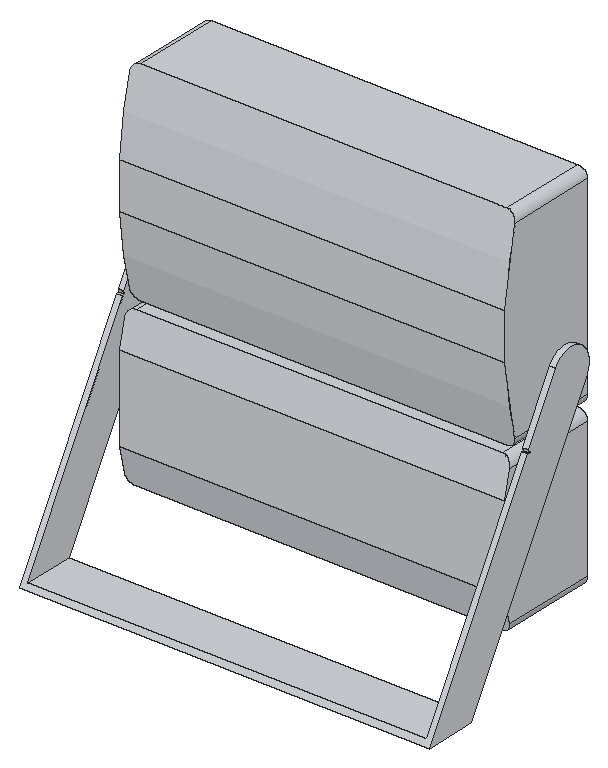
Revit family "Lighting-Floodlights-GEWISS-SMART[PRO]2.0-LED-MEDIUM-POWER_2MODULE_DALI.CLI", category Apparecchi per illuminazione, host Superficie, Revit 2019 (continued)
Types (46, lengths in mm): name | Wiring | Weight (kg): | Weight (kg) | Voltage- | Versions | Version type | Unique digital code (Datamatrix) | Unified Glare Rating | Typology | Type of light source | Tilt- | Technical sheet | Supply voltage | Stocking temperature | Standards and approvals | Standard- | Standard Deviation Colour Matching | Shield type | SEO | Regolazione inclinazione | Rated frequency (Hz) | Photobiological Risk Class | Overvoltage resistance : | Overvoltage protection | Optic and illuminating features | Optic Maintenance | Optic : | Optic | Operating temperature: | Operating temperature : | N° LED | Number of modules | No. Chorus modules | Mouting and installation | Modello | Minimum distance from the illuminated object | Maximum surface exposed to the wind : | Maximum surface exposed to the wind | Materials | Luminaire | Lumen output (lm) | Locking Hook | Lifetime | Life Time L90B10 (Tq 50Â°C) : | Life Time L90B10 (Tq 25Â°C) : | Life Time L80B10 (Tq 25Â°C) | Lamp- | LED current | LED Maintenance | Installationa and maintenance | Immagine tipo | IPEA | IDT | Glow Wire Test : | General information | Gasket | GW - Codice Electrocod | Flusso nominale | Fixing | External screw | Eletrical and lighting features | Efficiency (lm/W) | Driver Box | Driver | Device with reduced surface temperature | Descrizione | DIN 18032-3 certification | Control System | Context | Colour temperature: | Colour temperature | Colour : | Colour | Color Rendering Index | Classification: | Catalogue Range | Body
  GWP2273MD - SMART PRO 2M CRI70 3000K TYPE C1 DALI | "" | "" | "13" | "" | "" | "3000K warm light" | "" | "" | "" | "" | "" | "https://www.gewiss.com/ww/en/search?q=GWP2273MD" | "" | "" | "" | "" | "" | "" | "" | "-180° ÷ + 180° Bracket" | "" | "" | "" | "" | "" | "" | "" | "Circular C1" | "" | "" | "160" | "" | "2 (2x80 LED)" | "" | "GWP2273MD" | "" | "" | "0,43" | "" | "" | "35261" | "" | "" | "" | "" | "" | "" | "" | "" | "" | GWP2273MD.jpg | "" | "2666d7c5-0d9d-4bb2-a504-1173eb1e3d31" | "" | "" | "" | "" | "44800" | "" | "" | "" | "" | "" | "" | "" | "SMART PRO 2M 3000K CRI70 TYPE C1 DALI" | "" | "" | "" | "" | "3000 K (CRI 70)" | "" | "" | "" | "" | "SMART[PRO]2.0" | ""
  GWP2274AD - SMART PRO 2M CRI70 4000K TYPE S1 DALI | "" | "" | "13" | "" | "" | "4000K natural light" | "" | "" | "" | "" | "" | "https://www.gewiss.com/ww/en/search?q=GWP2274AD" | "" | "" | "" | "" | "" | "" | "" | "-180° ÷ + 180° Bracket" | "" | "" | "" | "" | "" | "" | "" | "Symmetrical S1" | "" | "" | "160" | "" | "2 (2x80 LED)" | "" | "GWP2274AD" | "" | "" | "0,43" | "" | "" | "37420" | "" | "" | "" | "" | "" | "" | "" | "" | "" | GWP2274AD.jpg | "" | "ff540907-a2dd-4753-af51-28166bcacd5d" | "" | "" | "" | "" | "48000" | "" | "" | "" | "" | "" | "" | "" | "SMART PRO 2M 4000K CRI70 TYPE S1 DALI" | "" | "" | "" | "" | "4000 K (CRI 70)" | "" | "" | "" | "" | "SMART[PRO]2.0" | ""
  GWP2274BD - SMART PRO 2M CRI70 4000K TYPE S2 DALI | "" | "" | "13" | "" | "" | "4000K natural light" | "" | "" | "" | "" | "" | "https://www.gewiss.com/ww/en/search?q=GWP2274BD" | "" | "" | "" | "" | "" | "" | "" | "-180° ÷ + 180° Bracket" | "" | "" | "" | "" | "" | "" | "" | "Symmetrical S2" | "" | "" | "160" | "" | "2 (2x80 LED)" | "" | "GWP2274BD" | "" | "" | "0,43" | "" | "" | "39790" | "" | "" | "" | "" | "" | "" | "" | "" | "" | GWP2274BD.jpg | "" | "b9f8befa-2633-41f3-ad41-4462299d6a5b" | "" | "" | "" | "" | "48000" | "" | "" | "" | "" | "" | "" | "" | "SMART PRO 2M 4000K CRI70 TYPE S2 DALI" | "" | "" | "" | "" | "4000 K (CRI 70)" | "" | "" | "" | "" | "SMART[PRO]2.0" | ""
  GWP2274CD - SMART PRO 2M CRI70 4000K TYPE A1 DALI | "" | "" | "13" | "" | "" | "4000K natural light" | "" | "" | "" | "" | "" | "https://www.gewiss.com/ww/en/search?q=GWP2274CD" | "" | "" | "" | "" | "" | "" | "" | "-180° ÷ + 180° Bracket" | "" | "" | "" | "" | "" | "" | "" | "Asymmetrical A1" | "" | "" | "160" | "" | "2 (2x80 LED)" | "" | "GWP2274CD" | "" | "" | "0,43" | "" | "" | "36580" | "" | "" | "" | "" | "" | "" | "" | "" | "" | GWP2273CD.jpg | "" | "c5749d56-95e3-49a9-b4ce-4110e7aa8a9e" | "" | "" | "" | "" | "48000" | "" | "" | "" | "" | "" | "" | "" | "SMART PRO 2M 4000K CRI70 TYPE A1 DALI" | "" | "" | "" | "" | "4000 K (CRI 70)" | "" | "" | "" | "" | "SMART[PRO]2.0" | ""
  GWP2274FD - SMART PRO 2M CRI70 4000K TYPE A2 DALI | "" | "" | "13" | "" | "" | "4000K natural light" | "" | "" | "" | "" | "" | "https://www.gewiss.com/ww/en/search?q=GWP2274FD" | "" | "" | "" | "" | "" | "" | "" | "-180° ÷ + 180° Bracket" | "" | "" | "" | "" | "" | "" | "" | "Asymmetrical A2" | "" | "" | "160" | "" | "2 (2x80 LED)" | "" | "GWP2274FD" | "" | "" | "0,43" | "" | "" | "31260" | "" | "" | "" | "" | "" | "" | "" | "" | "" | GWP2273FD.jpg | "" | "7c6c7aec-c074-4fa1-ae36-988da0e6e27f" | "" | "" | "" | "" | "48000" | "" | "" | "" | "" | "" | "" | "" | "SMART PRO 2M 4000K CRI70 TYPE A2 DALI" | "" | "" | "" | "" | "4000 K (CRI 70)" | "" | "" | "" | "" | "SMART[PRO]2.0" | ""
  GWP2274GD - SMART PRO 2M CRI70 4000K TYPE C4 DALI | "" | "" | "13" | "" | "" | "4000K natural light" | "" | "" | "" | "" | "" | "https://www.gewiss.com/ww/en/search?q=GWP2274GD" | "" | "" | "" | "" | "" | "" | "" | "-180° ÷ + 180° Bracket" | "" | "" | "" | "" | "" | "" | "" | "Circular C4" | "" | "" | "160" | "" | "2 (2x80 LED)" | "" | "GWP2274GD" | "" | "" | "0,43" | "" | "" | "37780" | "" | "" | "" | "" | "" | "" | "" | "" | "" | GWP2273GD.jpg | "" | "69317726-159b-4d06-a586-7281c5675b25" | "" | "" | "" | "" | "48000" | "" | "" | "" | "" | "" | "" | "" | "SMART PRO 2M 4000K CRI70 TYPE C4 DALI" | "" | "" | "" | "" | "4000 K (CRI 70)" | "" | "" | "" | "" | "SMART[PRO]2.0" | ""
  GWP2274HD - SMART PRO 2M CRI70 4000K TYPE C3 DALI | "" | "" | "13" | "" | "" | "4000K natural light" | "" | "" | "" | "" | "" | "https://www.gewiss.com/ww/en/search?q=GWP2274HD" | "" | "" | "" | "" | "" | "" | "" | "-180° ÷ + 180° Bracket" | "" | "" | "" | "" | "" | "" | "" | "Circular C3" | "" | "" | "160" | "" | "2 (2x80 LED)" | "" | "GWP2274HD" | "" | "" | "0,43" | "" | "" | "37780" | "" | "" | "" | "" | "" | "" | "" | "" | "" | GWP2273HD.jpg | "" | "6dd558e9-72b1-486c-8f94-259d6481d4a0" | "" | "" | "" | "" | "48000" | "" | "" | "" | "" | "" | "" | "" | "SMART PRO 2M 4000K CRI70 TYPE C3 DALI" | "" | "" | "" | "" | "4000 K (CRI 70)" | "" | "" | "" | "" | "SMART[PRO]2.0" | ""
  GWP2274LD - SMART PRO 2M CRI70 4000K TYPE C2 DALI | "" | "" | "13" | "" | "" | "4000K natural light" | "" | "" | "" | "" | "" | "https://www.gewiss.com/ww/en/search?q=GWP2274LD" | "" | "" | "" | "" | "" | "" | "" | "-180° ÷ + 180° Bracket" | "" | "" | "" | "" | "" | "" | "" | "Circular C2" | "" | "" | "160" | "" | "2 (2x80 LED)" | "" | "GWP2274LD" | "" | "" | "0,43" | "" | "" | "37780" | "" | "" | "" | "" | "" | "" | "" | "" | "" | GWP2273LD.jpg | "" | "9547177a-4666-45c9-b948-dce2b7eda314" | "" | "" | "" | "" | "48000" | "" | "" | "" | "" | "" | "" | "" | "SMART PRO 2M 4000K CRI70 TYPE C2 DALI" | "" | "" | "" | "" | "4000 K (CRI 70)" | "" | "" | "" | "" | "SMART[PRO]2.0" | ""
  GWP2274MD - SMART PRO 2M CRI70 4000K TYPE C1 DALI | "" | "" | "13" | "" | "" | "4000K natural light" | "" | "" | "" | "" | "" | "https://www.gewiss.com/ww/en/search?q=GWP2274MD" | "" | "" | "" | "" | "" | "" | "" | "-180° ÷ + 180° Bracket" | "" | "" | "" | "" | "" | "" | "" | "Circular C1" | "" | "" | "160" | "" | "2 (2x80 LED)" | "" | "GWP2274MD" | "" | "" | "0,43" | "" | "" | "37780" | "" | "" | "" | "" | "" | "" | "" | "" | "" | GWP2273MD.jpg | "" | "64c531ba-3f04-41fd-bf93-a4c7d3b6fc11" | "" | "" | "" | "" | "48000" | "" | "" | "" | "" | "" | "" | "" | "SMART PRO 2M 4000K CRI70 TYPE C1 DALI" | "" | "" | "" | "" | "4000 K (CRI 70)" | "" | "" | "" | "" | "SMART[PRO]2.0" | ""
  GWP2275AD - SMART PRO 2M CRI70 5700K TYPE S1 DALI | "" | "" | "13" | "" | "" | "5700K cold light" | "" | "" | "" | "" | "" | "https://www.gewiss.com/ww/en/search?q=GWP2275AD" | "" | "" | "" | "" | "" | "" | "" | "-180° ÷ + 180° Bracket" | "" | "" | "" | "" | "" | "" | "" | "Symmetrical S1" | "" | "" | "160" | "" | "2 (2x80 LED)" | "" | "GWP2275AD" | "" | "" | "0,43" | "" | "" | "37420" | "" | "" | "" | "" | "" | "" | "" | "" | "" | GWP2274AD.jpg | "" | "e61f65a6-0f4d-41b1-bf05-cb86c9ef33b7" | "" | "" | "" | "" | "48000" | "" | "" | "" | "" | "" | "" | "" | "SMART PRO 2M 5700K CRI70 TYPE S1 DALI" | "" | "" | "" | "" | "5700 K (CRI 70)" | "" | "" | "" | "" | "SMART[PRO]2.0" | ""
  GWP2275BD - SMART PRO 2M CRI70 5700K TYPE S2 DALI | "" | "" | "13" | "" | "" | "5700K cold light" | "" | "" | "" | "" | "" | "https://www.gewiss.com/ww/en/search?q=GWP2275BD" | "" | "" | "" | "" | "" | "" | "" | "-180° ÷ + 180° Bracket" | "" | "" | "" | "" | "" | "" | "" | "Symmetrical S2" | "" | "" | "160" | "" | "2 (2x80 LED)" | "" | "GWP2275BD" | "" | "" | "0,43" | "" | "" | "39790" | "" | "" | "" | "" | "" | "" | "" | "" | "" | GWP2275BD.jpg | "" | "8ddde59a-2170-4af8-acbb-43d79e1764f2" | "" | "" | "" | "" | "48000" | "" | "" | "" | "" | "" | "" | "" | "SMART PRO 2M 5700K CRI70 TYPE S2 DALI" | "" | "" | "" | "" | "5700 K (CRI 70)" | "" | "" | "" | "" | "SMART[PRO]2.0" | ""
  GWP2275CD - SMART PRO 2M CRI70 5700K TYPE A1 DALI | "" | "" | "13" | "" | "" | "5700K cold light" | "" | "" | "" | "" | "" | "https://www.gewiss.com/ww/en/search?q=GWP2275CD" | "" | "" | "" | "" | "" | "" | "" | "-180° ÷ + 180° Bracket" | "" | "" | "" | "" | "" | "" | "" | "Asymmetrical A1" | "" | "" | "160" | "" | "2 (2x80 LED)" | "" | "GWP2275CD" | "" | "" | "0,43" | "" | "" | "36580" | "" | "" | "" | "" | "" | "" | "" | "" | "" | GWP2275CD.jpg | "" | "6517d96b-2a0c-4899-a500-7459fa120c96" | "" | "" | "" | "" | "48000" | "" | "" | "" | "" | "" | "" | "" | "SMART PRO 2M 5700K CRI70 TYPE A1 DALI" | "" | "" | "" | "" | "5700 K (CRI 70)" | "" | "" | "" | "" | "SMART[PRO]2.0" | ""
  GWP2275FD - SMART PRO 2M CRI70 5700K TYPE A2 DALI | "" | "" | "13" | "" | "" | "5700K cold light" | "" | "" | "" | "" | "" | "https://www.gewiss.com/ww/en/search?q=GWP2275FD" | "" | "" | "" | "" | "" | "" | "" | "-180° ÷ + 180° Bracket" | "" | "" | "" | "" | "" | "" | "" | "Asymmetrical A2" | "" | "" | "160" | "" | "2 (2x80 LED)" | "" | "GWP2275FD" | "" | "" | "0,43" | "" | "" | "31260" | "" | "" | "" | "" | "" | "" | "" | "" | "" | GWP2275FD.jpg | "" | "8ea97ab9-ca8a-4bf4-b5b0-49cf49f4136a" | "" | "" | "" | "" | "48000" | "" | "" | "" | "" | "" | "" | "" | "SMART PRO 2M 5700K CRI70 TYPE A2 DALI" | "" | "" | "" | "" | "5700 K (CRI 70)" | "" | "" | "" | "" | "SMART[PRO]2.0" | ""
  GWP2275GD - SMART PRO 2M CRI70 5700K TYPE C4 DALI | "" | "" | "13" | "" | "" | "5700K cold light" | "" | "" | "" | "" | "" | "https://www.gewiss.com/ww/en/search?q=GWP2275GD" | "" | "" | "" | "" | "" | "" | "" | "-180° ÷ + 180° Bracket" | "" | "" | "" | "" | "" | "" | "" | "Circular C4" | "" | "" | "160" | "" | "2 (2x80 LED)" | "" | "GWP2275GD" | "" | "" | "0,43" | "" | "" | "37780" | "" | "" | "" | "" | "" | "" | "" | "" | "" | GWP2275GD.jpg | "" | "07492fd1-8aad-427e-b69d-2342760349e7" | "" | "" | "" | "" | "48000" | "" | "" | "" | "" | "" | "" | "" | "SMART PRO 2M 5700K CRI70 TYPE C4 DALI" | "" | "" | "" | "" | "5700 K (CRI 70)" | "" | "" | "" | "" | "SMART[PRO]2.0" | ""
  GWP2275HD - SMART PRO 2M CRI70 5700K TYPE C3 DALI | "" | "" | "13" | "" | "" | "5700K cold light" | "" | "" | "" | "" | "" | "https://www.gewiss.com/ww/en/search?q=GWP2275HD" | "" | "" | "" | "" | "" | "" | "" | "-180° ÷ + 180° Bracket" | "" | "" | "" | "" | "" | "" | "" | "Circular C3" | "" | "" | "160" | "" | "2 (2x80 LED)" | "" | "GWP2275HD" | "" | "" | "0,43" | "" | "" | "37780" | "" | "" | "" | "" | "" | "" | "" | "" | "" | GWP2275HD.jpg | "" | "4bcba999-6b6a-494d-8205-1951717b6fc6" | "" | "" | "" | "" | "48000" | "" | "" | "" | "" | "" | "" | "" | "SMART PRO 2M 5700K CRI70 TYPE C3 DALI" | "" | "" | "" | "" | "5700 K (CRI 70)" | "" | "" | "" | "" | "SMART[PRO]2.0" | ""
  GWP2275LD - SMART PRO 2M CRI70 5700K TYPE C2 DALI | "" | "" | "13" | "" | "" | "5700K cold light" | "" | "" | "" | "" | "" | "https://www.gewiss.com/ww/en/search?q=GWP2275LD" | "" | "" | "" | "" | "" | "" | "" | "-180° ÷ + 180° Bracket" | "" | "" | "" | "" | "" | "" | "" | "Circular C2" | "" | "" | "160" | "" | "2 (2x80 LED)" | "" | "GWP2275LD" | "" | "" | "0,43" | "" | "" | "37780" | "" | "" | "" | "" | "" | "" | "" | "" | "" | GWP2275LD.jpg | "" | "71f21621-1d58-484f-8bbc-0107acbefb8d" | "" | "" | "" | "" | "48000" | "" | "" | "" | "" | "" | "" | "" | "SMART PRO 2M 5700K CRI70 TYPE C2 DALI" | "" | "" | "" | "" | "5700 K (CRI 70)" | "" | "" | "" | "" | "SMART[PRO]2.0" | ""
  GWP2275MD - SMART PRO 2M CRI70 5700K TYPE C1 DALI | "" | "" | "13" | "" | "" | "5700K cold light" | "" | "" | "" | "" | "" | "https://www.gewiss.com/ww/en/search?q=GWP2275MD" | "" | "" | "" | "" | "" | "" | "" | "-180° ÷ + 180° Bracket" | "" | "" | "" | "" | "" | "" | "" | "Circular C1" | "" | "" | "160" | "" | "2 (2x80 LED)" | "" | "GWP2275MD" | "" | "" | "0,43" | "" | "" | "37780" | "" | "" | "" | "" | "" | "" | "" | "" | "" | GWP2275MD.jpg | "" | "6a8ce23c-7f96-42c1-9277-acd10037eb9c" | "" | "" | "" | "" | "48000" | "" | "" | "" | "" | "" | "" | "" | "SMART PRO 2M 5700K CRI70 TYPE C1 DALI" | "" | "" | "" | "" | "5700 K (CRI 70)" | "" | "" | "" | "" | "SMART[PRO]2.0" | ""
  GWP2273ND - SMARTPRO2.0 2M 3000K CRI70 A3 DALI CL1 | "Watertight connector" | "13" | "" | "220 / 240 V - 50 / 60 Hz" | "3000K warm light" | "" | "Currently not present" | "G*6 - ULOR = 0" | "DALI" | "LED - Not replaceable" | "Rotation on bracket with integrated goniometer" | "https://www.gewiss.com/ww/en/search?q=GWP2273ND" | "220 - 240 V" | "-" | "-" | "EN60598-1; EN60598-2-5; IEC 62778; IEC 62471; EN13201" | "SDCM = 5" | "Flat tempered glass 4mm" | "Floodlight" | "-180° ÷ + 180° Bracket" | "50 / 60" | "-" | "Common mode: 10KV; Differential mode: 6KV" | "DM 6 kV / CM 10 kV" | "-" | "Not available" | "Polished anodised aluminum reflector with 99.99% pure aluminum" | "A3 - Assymetric Narrow" | "-30 +50 °C" | "-30 +50 °C" | "" | "2" | "" | "High-mast lighting - Wall mounting - Ground mouting" | "GWP2273ND" | "1M" | "0,170 m2" | "0,17M2" | "-" | "LED luminaire with small,mid and high lumen power" | "37200" | "Hexagonal metric screws" | "L90B10 (Tq+25°C) - 40000h L90B10 (Tq+50°C) = 32000h L80B10 (Tq+25°C) - 90000h" | "32000 H" | ">40000 H" | ">90000 H" | "LED" | "0,7 A" | "Not available" | "-" | GWP2273MD.jpg | "ROAD = A // LARGE AREAS = A3 + // CYCLOPEDONALS = A + // GREEN AREAS = A + // HISTORICAL CENTER = A5 + // OTHER = A5 +" | "c834611c70ff45a3955c3a0eeb023012" | "-" | "-" | "Anti-aging silicone" | "2424" | "45000" | "Bracket" | "Stainless steel" | "-" | "113" | "Built-in" | "Included" | "No" | "SMARTPRO2.0 2M 3000K CRI70 A3 DALI CL1" | "Yes" | "DALI" | "Sport, Big Areas" | "3000 K (CRI>70)" | "3000K" | "Polyester powder coated" | "Graphite grey" | "CRI-70" | "-" | "SMART [PRO] 2.0" | "Die-cast aluminium -"
  GWP2274ND - SMARTPRO2.0 2M 4000K CRI70 A3 DALI CL1 | "Watertight connector" | "13" | "" | "220 / 240 V - 50 / 60 Hz" | "4000K natural light" | "" | "Currently not present" | "G*6 - ULOR = 0" | "DALI" | "LED - Not replaceable" | "Rotation on bracket with integrated goniometer" | "https://www.gewiss.com/ww/en/search?q=GWP2274ND" | "220 - 240 V" | "-" | "-" | "EN60598-1; EN60598-2-5; IEC 62778; IEC 62471; EN13201" | "SDCM = 5" | "Flat tempered glass 4mm" | "Floodlight" | "-180° ÷ + 180° Bracket" | "50 / 60" | "-" | "Common mode: 10KV; Differential mode: 6KV" | "DM 6 kV / CM 10 kV" | "-" | "Not available" | "Polished anodised aluminum reflector with 99.99% pure aluminum" | "A3 - Assymetric Narrow" | "-30 +50 °C" | "-30 +50 °C" | "" | "2" | "" | "High-mast lighting - Wall mounting - Ground mouting" | "GWP2274ND" | "1M" | "0,170 m2" | "0,17M2" | "-" | "LED luminaire with small,mid and high lumen power" | "39800" | "Hexagonal metric screws" | "L90B10 (Tq+25°C) - 40000h L90B10 (Tq+50°C) = 32000h L80B10 (Tq+25°C) - 90000h" | "32000 H" | ">40000 H" | ">90000 H" | "LED" | "0,7 A" | "Not available" | "-" | GWP2273MD.jpg | "ROAD = A + // LARGE AREAS = A4 + // CICLOPEDONALI = A ++ // GREEN AREAS = A ++ // HISTORICAL CENTER = A6 + // OTHER = A6 +" | "0fe9b7c62e71410cb07551468977a909" | "-" | "-" | "Anti-aging silicone" | "2424" | "48000" | "Bracket" | "Stainless steel" | "-" | "121" | "Built-in" | "Included" | "No" | "SMARTPRO2.0 2M 4000K CRI70 A3 DALI CL1" | "Yes" | "DALI" | "Sport, Big Areas" | "4000 K (CRI>70)" | "4000K" | "Polyester powder coated" | "Graphite grey" | "CRI-70" | "-" | "SMART [PRO] 2.0" | "Die-cast aluminium -"
  GWP2275ND - SMARTPRO2.0 2M 5700K CRI70 A3 DALI CL1 | "Watertight connector" | "13" | "" | "220 / 240 V - 50 / 60 Hz" | "5700K cold light" | "" | "Currently not present" | "G*6 - ULOR = 0" | "DALI" | "LED - Not replaceable" | "Rotation on bracket with integrated goniometer" | "https://www.gewiss.com/ww/en/search?q=GWP2275ND" | "220 - 240 V" | "-" | "-" | "EN60598-1; EN60598-2-5; IEC 62778; IEC 62471; EN13201" | "SDCM = 5" | "Flat tempered glass 4mm" | "Floodlight" | "-180° ÷ + 180° Bracket" | "50 / 60" | "-" | "Common mode: 10KV; Differential mode: 6KV" | "DM 6 kV / CM 10 kV" | "-" | "Not available" | "Polished anodised aluminum reflector with 99.99% pure aluminum" | "A3 - Assymetric Narrow" | "-30 +50 °C" | "-30 +50 °C" | "" | "2" | "" | "High-mast lighting - Wall mounting - Ground mouting" | "GWP2275ND" | "1M" | "0,170 m2" | "0,17M2" | "-" | "LED luminaire with small,mid and high lumen power" | "39800" | "Hexagonal metric screws" | "L90B10 (Tq+25°C) - 40000h L90B10 (Tq+50°C) = 32000h L80B10 (Tq+25°C) - 90000h" | "32000 H" | ">40000 H" | ">90000 H" | "LED" | "0,7 A" | "Not available" | "-" | GWP2275MD.jpg | "ROAD = A + // LARGE AREAS = A4 + // CICLOPEDONALI = A ++ // GREEN AREAS = A ++ // HISTORICAL CENTER = A6 + // OTHER = A6 +" | "39466568aec746b984944cba2e7a3d9c" | "-" | "-" | "Anti-aging silicone" | "2424" | "48000" | "Bracket" | "Stainless steel" | "-" | "121" | "Built-in" | "Included" | "No" | "SMARTPRO2.0 2M 5700K CRI70 A3 DALI CL1" | "Yes" | "DALI" | "Sport, Big Areas" | "5700 K (CRI>70)" | "5700K" | "Polyester powder coated" | "Graphite grey" | "CRI-70" | "-" | "SMART [PRO] 2.0" | "Die-cast aluminium -"
  GWP2284AD - SMART PRO 2M 4000K CRI80 TYPE S1 DALI | "Watertight connector" | "13" | "" | "220 / 240 V - 50 / 60 Hz" | "4000K natural light" | "" | "Currently not present" | "G*6 - ULOR = 0" | "DALI" | "LED - Not replaceable" | "Rotation on bracket with integrated goniometer" | "https://www.gewiss.com/ww/en/search?q=GWP2284AD" | "220 - 240 V" | "-" | "-" | "EN60598-1; EN60598-2-5; IEC 62778; IEC 62471; EN13201" | "SDCM = 3" | "Flat tempered glass 4mm" | "Floodlight" | "-180° ÷ + 180° Bracket" | "50 / 60" | "-" | "Common mode: 10KV; Differential mode: 6KV" | "DM 6 kV / CM 10 kV" | "-" | "Not available" | "Polished quartz and metallized PC HT reflector" | "S1 - Symmetric Wide" | "-30 +50 °C" | "-30 +50 °C" | "" | "2" | "" | "High-mast lighting - Wall mounting - Ground mouting" | "GWP2284AD" | "1M" | "0,170 m2" | "0,17M2" | "-" | "LED luminaire with small,mid and high lumen power" | "36600" | "Hexagonal metric screws" | "L90B10 (Tq+25°C) - 40000h L90B10 (Tq+50°C) = 32000h L80B10 (Tq+25°C) - 90000h" | "32000 H" | ">40000 H" | ">90000 H" | "LED" | "0,7 A" | "Not available" | "-" | GWP2274AD.jpg | "ROAD = A // LARGE AREAS = A ++ // CYCLOPEDONALS = A + // GREEN AREAS = A + // HISTORICAL CENTER = A4 + // OTHER = A4 +" | "f8fff1a3868e4d4e8f2e0b85fdf6d708" | "-" | "-" | "Anti-aging silicone" | "2424" | "45000" | "Bracket" | "Stainless steel" | "-" | "111" | "Built-in" | "Included" | "No" | "SMART PRO 2M 4000K CRI80 TYPE S1 DALI" | "Yes" | "DALI" | "Sport, Big Areas" | "4000 K (CRI>80)" | "4000K" | "Polyester powder coated" | "Graphite grey" | "CRI-80" | "-" | "SMART [PRO] 2.0" | "Die-cast aluminium -"
  GWP2284BD - SMART PRO 2M 4000K CRI80 TYPE S2 DALI | "Watertight connector" | "13" | "" | "220 / 240 V - 50 / 60 Hz" | "4000K natural light" | "" | "Currently not present" | "G*6 - ULOR = 0" | "DALI" | "LED - Not replaceable" | "Rotation on bracket with integrated goniometer" | "https://www.gewiss.com/ww/en/search?q=GWP2284BD" | "220 - 240 V" | "-" | "-" | "EN60598-1; EN60598-2-5; IEC 62778; IEC 62471; EN13201" | "SDCM = 3" | "Flat tempered glass 4mm" | "Floodlight" | "-180° ÷ + 180° Bracket" | "50 / 60" | "-" | "Common mode: 10KV; Differential mode: 6KV" | "DM 6 kV / CM 10 kV" | "-" | "Not available" | "Polished anodised aluminum reflector with 99.99% pure aluminum" | "S2 - Symmetric Medium" | "-30 +50 °C" | "-30 +50 °C" | "" | "2" | "" | "High-mast lighting - Wall mounting - Ground mouting" | "GWP2284BD" | "1M" | "0,170 m2" | "0,17M2" | "-" | "LED luminaire with small,mid and high lumen power" | "37900" | "Hexagonal metric screws" | "L90B10 (Tq+25°C) - 40000h L90B10 (Tq+50°C) = 32000h L80B10 (Tq+25°C) - 90000h" | "32000 H" | ">40000 H" | ">90000 H" | "LED" | "0,7 A" | "Not available" | "-" | GWP2274AD.jpg | "ROAD = A // LARGE AREAS = A3 + // CYCLOPEDONALS = A + // GREEN AREAS = A + // HISTORICAL CENTER = A5 + // OTHER = A5 +" | "c97daa9462cb45f7b6356687cfd33c94" | "-" | "-" | "Anti-aging silicone" | "2424" | "45000" | "Bracket" | "Stainless steel" | "-" | "115" | "Built-in" | "Included" | "No" | "SMART PRO 2M 4000K CRI80 TYPE S2 DALI" | "Yes" | "DALI" | "Sport, Big Areas" | "4000 K (CRI>80)" | "4000K" | "Polyester powder coated" | "Graphite grey" | "CRI-80" | "-" | "SMART [PRO] 2.0" | "Die-cast aluminium -"
  GWP2284CD - SMART PRO 2M 4000K CRI80 TYPE A1 DALI | "Watertight connector" | "13" | "" | "220 / 240 V - 50 / 60 Hz" | "4000K natural light" | "" | "Currently not present" | "G*4 - ULOR = 0" | "DALI" | "LED - Not replaceable" | "Rotation on bracket with integrated goniometer" | "https://www.gewiss.com/ww/en/search?q=GWP2284CD" | "220 - 240 V" | "-" | "-" | "EN60598-1; EN60598-2-5; IEC 62778; IEC 62471; EN13201" | "SDCM = 3" | "Flat tempered glass 4mm" | "Floodlight" | "-180° ÷ + 180° Bracket" | "50 / 60" | "-" | "Common mode: 10KV; Differential mode: 6KV" | "DM 6 kV / CM 10 kV" | "-" | "Not available" | "Polished quartz and metallized PC HT reflector" | "A1 - Asymmetrical Wide" | "-30 +50 °C" | "-30 +50 °C" | "" | "2" | "" | "High-mast lighting - Wall mounting - Ground mouting" | "GWP2284CD" | "1M" | "0,170 m2" | "0,17M2" | "-" | "LED luminaire with small,mid and high lumen power" | "35600" | "Hexagonal metric screws" | "L90B10 (Tq+25°C) - 40000h L90B10 (Tq+50°C) = 32000h L80B10 (Tq+25°C) - 90000h" | "32000 H" | ">40000 H" | ">90000 H" | "LED" | "0,7 A" | "Not available" | "-" | GWP2274AD.jpg | "ROAD = B // LARGE AREAS = A ++ // CYCLOPEDONALS = A // GREEN AREAS = A // HISTORICAL CENTER = A4 + // OTHER = A4 +" | "43780d9ab4fe4716841b79af17c3b35f" | "-" | "-" | "Anti-aging silicone" | "2424" | "45000" | "Bracket" | "Stainless steel" | "-" | "108" | "Built-in" | "Included" | "No" | "SMART PRO 2M 4000K CRI80 TYPE A1 DALI" | "Yes" | "DALI" | "Sport, Big Areas" | "4000 K (CRI>80)" | "4000K" | "Polyester powder coated" | "Graphite grey" | "CRI-80" | "-" | "SMART [PRO] 2.0" | "Die-cast aluminium -"
  GWP2284FD - SMART PRO 2M 4000K CRI80 TYPE A2 DALI | "Watertight connector" | "13" | "" | "220 / 240 V - 50 / 60 Hz" | "4000K natural light" | "" | "Currently not present" | "G*3 - ULOR = 0" | "DALI" | "LED - Not replaceable" | "Rotation on bracket with integrated goniometer" | "https://www.gewiss.com/ww/en/search?q=GWP2284FD" | "220 - 240 V" | "-" | "-" | "EN60598-1; EN60598-2-5; IEC 62778; IEC 62471; EN13201" | "SDCM = 3" | "Flat tempered glass 4mm" | "Floodlight" | "-180° ÷ + 180° Bracket" | "50 / 60" | "-" | "Common mode: 10KV; Differential mode: 6KV" | "DM 6 kV / CM 10 kV" | "-" | "Not available" | "Polished anodised aluminum reflector with 99.99% pure aluminum" | "A2 - Asymmetrical Medium" | "-30 +50 °C" | "-30 +50 °C" | "" | "2" | "" | "High-mast lighting - Wall mounting - Ground mouting" | "GWP2284FD" | "1M" | "0,170 m2" | "0,17M2" | "-" | "LED luminaire with small,mid and high lumen power" | "30600" | "Hexagonal metric screws" | "L90B10 (Tq+25°C) - 40000h L90B10 (Tq+50°C) = 32000h L80B10 (Tq+25°C) - 90000h" | "32000 H" | ">40000 H" | ">90000 H" | "LED" | "0,7 A" | "Not available" | "-" | GWP2274AD.jpg | "ROAD = C // LARGE AREAS = A // CICLOPEDONALI = B // GREEN AREAS = B // HISTORICAL CENTER = A ++ // OTHER = A ++" | "2c3a6a4f1c8049e4b6a8e55ee99b743d" | "-" | "-" | "Anti-aging silicone" | "2424" | "45000" | "Bracket" | "Stainless steel" | "-" | "93" | "Built-in" | "Included" | "No" | "SMART PRO 2M 4000K CRI80 TYPE A2 DALI" | "Yes" | "DALI" | "Sport, Big Areas" | "4000 K (CRI>80)" | "4000K" | "Polyester powder coated" | "Graphite grey" | "CRI-80" | "-" | "SMART [PRO] 2.0" | "Die-cast aluminium -"
  GWP2284GD - SMART PRO 2M 4000K CRI80 TYPE C4 DALI | "Watertight connector" | "13" | "" | "220 / 240 V - 50 / 60 Hz" | "4000K natural light" | "" | "Currently not present" | "G*6 - ULOR = 0" | "DALI" | "LED - Not replaceable" | "Rotation on bracket with integrated goniometer" | "https://www.gewiss.com/ww/en/search?q=GWP2284GD" | "220 - 240 V" | "-" | "-" | "EN60598-1; EN60598-2-5; IEC 62778; IEC 62471; EN13201" | "SDCM = 3" | "Flat tempered glass 4mm" | "Floodlight" | "-180° ÷ + 180° Bracket" | "50 / 60" | "-" | "Common mode: 10KV; Differential mode: 6KV" | "DM 6 kV / CM 10 kV" | "-" | "Not available" | "Polished quartz and metallized PC HT reflector" | "C4 - Circular 15°" | "-30 +50 °C" | "-30 +50 °C" | "" | "2" | "" | "High-mast lighting - Wall mounting - Ground mouting" | "GWP2284GD" | "1M" | "0,170 m2" | "0,17M2" | "-" | "LED luminaire with small,mid and high lumen power" | "38200" | "Hexagonal metric screws" | "L90B10 (Tq+25°C) - 40000h L90B10 (Tq+50°C) = 32000h L80B10 (Tq+25°C) - 90000h" | "32000 H" | ">40000 H" | ">90000 H" | "LED" | "0,7 A" | "Not available" | "-" | GWP2274AD.jpg | "ROAD = A // LARGE AREAS = A3 + // CYCLOPEDONALS = A + // GREEN AREAS = A + // HISTORICAL CENTER = A5 + // OTHER = A5 +" | "3d295eeae60e4b8d82be940b730d28d9" | "-" | "-" | "Anti-aging silicone" | "2424" | "45000" | "Bracket" | "Stainless steel" | "-" | "116" | "Built-in" | "Included" | "No" | "SMART PRO 2M 4000K CRI80 TYPE C4 DALI" | "Yes" | "DALI" | "Sport, Big Areas" | "4000 K (CRI>80)" | "4000K" | "Polyester powder coated" | "Graphite grey" | "CRI-80" | "-" | "SMART [PRO] 2.0" | "Die-cast aluminium -"
  GWP2284HD - SMART PRO 2M 4000K CRI80 TYPE C3 DALI | "Watertight connector" | "13" | "" | "220 / 240 V - 50 / 60 Hz" | "4000K natural light" | "" | "Currently not present" | "G*6 - ULOR = 0" | "DALI" | "LED - Not replaceable" | "Rotation on bracket with integrated goniometer" | "https://www.gewiss.com/ww/en/search?q=GWP2284HD" | "220 - 240 V" | "-" | "-" | "EN60598-1; EN60598-2-5; IEC 62778; IEC 62471; EN13201" | "SDCM = 3" | "Flat tempered glass 4mm" | "Floodlight" | "-180° ÷ + 180° Bracket" | "50 / 60" | "-" | "Common mode: 10KV; Differential mode: 6KV" | "DM 6 kV / CM 10 kV" | "-" | "Not available" | "Polished quartz and metallized PC HT reflector" | "C3 - Circular 20°" | "-30 +50 °C" | "-30 +50 °C" | "" | "2" | "" | "High-mast lighting - Wall mounting - Ground mouting" | "GWP2284HD" | "1M" | "0,170 m2" | "0,17M2" | "-" | "LED luminaire with small,mid and high lumen power" | "38200" | "Hexagonal metric screws" | "L90B10 (Tq+25°C) - 40000h L90B10 (Tq+50°C) = 32000h L80B10 (Tq+25°C) - 90000h" | "32000 H" | ">40000 H" | ">90000 H" | "LED" | "0,7 A" | "Not available" | "-" | GWP2274AD.jpg | "ROAD = A // LARGE AREAS = A3 + // CYCLOPEDONALS = A + // GREEN AREAS = A + // HISTORICAL CENTER = A5 + // OTHER = A5 +" | "07ce240b1c6049f0bb4549f95b9fca2f" | "-" | "-" | "Anti-aging silicone" | "2424" | "45000" | "Bracket" | "Stainless steel" | "-" | "116" | "Built-in" | "Included" | "No" | "SMART PRO 2M 4000K CRI80 TYPE C3 DALI" | "Yes" | "DALI" | "Sport, Big Areas" | "4000 K (CRI>80)" | "4000K" | "Polyester powder coated" | "Graphite grey" | "CRI-80" | "-" | "SMART [PRO] 2.0" | "Die-cast aluminium -"
  GWP2284LD - SMART PRO 2M 4000K CRI80 TYPE C2 DALI | "Watertight connector" | "13" | "" | "220 / 240 V - 50 / 60 Hz" | "4000K natural light" | "" | "Currently not present" | "G*6 - ULOR = 0" | "DALI" | "LED - Not replaceable" | "Rotation on bracket with integrated goniometer" | "https://www.gewiss.com/ww/en/search?q=GWP2284LD" | "220 - 240 V" | "-" | "-" | "EN60598-1; EN60598-2-5; IEC 62778; IEC 62471; EN13201" | "SDCM = 3" | "Flat tempered glass 4mm" | "Floodlight" | "-180° ÷ + 180° Bracket" | "50 / 60" | "-" | "Common mode: 10KV; Differential mode: 6KV" | "DM 6 kV / CM 10 kV" | "-" | "Not available" | "Polished quartz and metallized PC HT reflector" | "C2 - Circular 25°" | "-30 +50 °C" | "-30 +50 °C" | "" | "2" | "" | "High-mast lighting - Wall mounting - Ground mouting" | "GWP2284LD" | "1M" | "0,170 m2" | "0,17M2" | "-" | "LED luminaire with small,mid and high lumen power" | "37300" | "Hexagonal metric screws" | "L90B10 (Tq+25°C) - 40000h L90B10 (Tq+50°C) = 32000h L80B10 (Tq+25°C) - 90000h" | "32000 H" | ">40000 H" | ">90000 H" | "LED" | "0,7 A" | "Not available" | "-" | GWP2274AD.jpg | "ROAD = A // LARGE AREAS = A3 + // CYCLOPEDONALS = A + // GREEN AREAS = A + // HISTORICAL CENTER = A5 + // OTHER = A5 +" | "8c1360a2c96a483b8d57aab0f934d3b6" | "-" | "-" | "Anti-aging silicone" | "2424" | "45000" | "Bracket" | "Stainless steel" | "-" | "113" | "Built-in" | "Included" | "No" | "SMART PRO 2M 4000K CRI80 TYPE C2 DALI" | "Yes" | "DALI" | "Sport, Big Areas" | "4000 K (CRI>80)" | "4000K" | "Polyester powder coated" | "Graphite grey" | "CRI-80" | "-" | "SMART [PRO] 2.0" | "Die-cast aluminium -"
  GWP2284MD - SMART PRO 2M 4000K CRI80 TYPE C1 DALI | "Watertight connector" | "13" | "" | "220 / 240 V - 50 / 60 Hz" | "4000K natural light" | "" | "Currently not present" | "G*6 - ULOR = 0" | "DALI" | "LED - Not replaceable" | "Rotation on bracket with integrated goniometer" | "https://www.gewiss.com/ww/en/search?q=GWP2284MD" | "220 - 240 V" | "-" | "-" | "EN60598-1; EN60598-2-5; IEC 62778; IEC 62471; EN13201" | "SDCM = 3" | "Flat tempered glass 4mm" | "Floodlight" | "-180° ÷ + 180° Bracket" | "50 / 60" | "-" | "Common mode: 10KV; Differential mode: 6KV" | "DM 6 kV / CM 10 kV" | "-" | "Not available" | "Polished quartz and metallized PC HT reflector" | "C1 - Circular 30°" | "-30 +50 °C" | "-30 +50 °C" | "" | "2" | "" | "High-mast lighting - Wall mounting - Ground mouting" | "GWP2284MD" | "1M" | "0,170 m2" | "0,17M2" | "-" | "LED luminaire with small,mid and high lumen power" | "37300" | "Hexagonal metric screws" | "L90B10 (Tq+25°C) - 40000h L90B10 (Tq+50°C) = 32000h L80B10 (Tq+25°C) - 90000h" | "32000 H" | ">40000 H" | ">90000 H" | "LED" | "0,7 A" | "Not available" | "-" | GWP2274AD.jpg | "ROAD = A // LARGE AREAS = A3 + // CYCLOPEDONALS = A + // GREEN AREAS = A + // HISTORICAL CENTER = A5 + // OTHER = A5 +" | "62ac0a9a6ff34fe5bcf434605eeb5af3" | "-" | "-" | "Anti-aging silicone" | "2424" | "45000" | "Bracket" | "Stainless steel" | "-" | "113" | "Built-in" | "Included" | "No" | "SMART PRO 2M 4000K CRI80 TYPE C1 DALI" | "Yes" | "DALI" | "Sport, Big Areas" | "4000 K (CRI>80)" | "4000K" | "Polyester powder coated" | "Graphite grey" | "CRI-80" | "-" | "SMART [PRO] 2.0" | "Die-cast aluminium -"
  GWP2284ND - SMARTPRO2.0 2M 4000K CRI80 A3 DALI CL1 | "Watertight connector" | "13" | "" | "220 / 240 V - 50 / 60 Hz" | "4000K natural light" | "" | "Currently not present" | "G*6 - ULOR = 0" | "DALI" | "LED - Not replaceable" | "Rotation on bracket with integrated goniometer" | "https://www.gewiss.com/ww/en/search?q=GWP2284ND" | "220 - 240 V" | "-" | "-" | "EN60598-1; EN60598-2-5; IEC 62778; IEC 62471; EN13201" | "SDCM = 3" | "Flat tempered glass 4mm" | "Floodlight" | "-180° ÷ + 180° Bracket" | "50 / 60" | "-" | "Common mode: 10KV; Differential mode: 6KV" | "DM 6 kV / CM 10 kV" | "-" | "Not available" | "Polished anodised aluminum reflector with 99.99% pure aluminum" | "A3 - Assymetric Narrow" | "-30 +50 °C" | "-30 +50 °C" | "" | "2" | "" | "High-mast lighting - Wall mounting - Ground mouting" | "GWP2284ND" | "1M" | "0,170 m2" | "0,17M2" | "-" | "LED luminaire with small,mid and high lumen power" | "37200" | "Hexagonal metric screws" | "L90B10 (Tq+25°C) - 40000h L90B10 (Tq+50°C) = 32000h L80B10 (Tq+25°C) - 90000h" | "32000 H" | ">40000 H" | ">90000 H" | "LED" | "0,7 A" | "Not available" | "-" | GWP2274AD.jpg | "ROAD = A // LARGE AREAS = A3 + // CYCLOPEDONALS = A + // GREEN AREAS = A + // HISTORICAL CENTER = A5 + // OTHER = A5 +" | "0e4ce321b9204d4b8f7eb7525c930ddc" | "-" | "-" | "Anti-aging silicone" | "2424" | "45000" | "Bracket" | "Stainless steel" | "-" | "113" | "Built-in" | "Included" | "No" | "SMARTPRO2.0 2M 4000K CRI80 A3 DALI CL1" | "Yes" | "DALI" | "Sport, Big Areas" | "4000 K (CRI>80)" | "4000K" | "Polyester powder coated" | "Graphite grey" | "CRI-80" | "-" | "SMART [PRO] 2.0" | "Die-cast aluminium -"
  GWP2285AD - SMARTPRO2.0 2M 5700K CRI80 S1 DALI CL1 | "Watertight connector" | "13" | "" | "" | "5700K cold light" | "" | "Currently not present" | "G*6 - ULOR = 0" | "" | "LED - Not replaceable" | "Rotation on bracket with integrated goniometer" | "https://www.gewiss.com/ww/en/search?q=GWP2285AD" | "220 - 240 V" | "-" | "-" | "EN60598-1; EN60598-2-5; IEC 62778; IEC 62471; EN13201" | "SDCM = 3" | "Flat tempered glass 4mm" | "Floodlight" | "" | "50 / 60" | "-" | "" | "DM 6 kV / CM 10 kV" | "-" | "Not available" | "Polished quartz and metallized PC HT reflector" | "S1 - Symmetric Wide" | "" | "-30 +50 °C" | "" | "" | "" | "High-mast lighting - Wall mounting - Ground mouting" | "GWP2285AD" | "" | "0,170 m2" | "" | "-" | "LED luminaire with small,mid and high lumen power" | "36600" | "Hexagonal metric screws" | "L90B10 (Tq+25°C) - 40000h L90B10 (Tq+50°C) = 32000h L80B10 (Tq+25°C) - 90000h" | "" | "" | "" | "" | "" | "Not available" | "-" | GWP2274AD.jpg | "ROAD = A // LARGE AREAS = A ++ // CYCLOPEDONALS = A + // GREEN AREAS = A + // HISTORICAL CENTER = A4 + // OTHER = A4 +" | "175ba9fc9f4d45ffbcffa9cca63f3410" | "-" | "-" | "Anti-aging silicone" | "2424" | "" | "Bracket" | "Stainless steel" | "-" | "111" | "Built-in" | "Included" | "No" | "SMARTPRO2.0 2M 5700K CRI80 S1 DALI CL1" | "Yes" | "DALI" | "Sport, Big Areas" | "" | "5700K" | "Polyester powder coated" | "Graphite grey" | "CRI-80" | "-" | "" | "Die-cast aluminium -"
  GWP2285BD - SMARTPRO2.0 2M 5700K CRI80 S2 DALI CL1 | "Watertight connector" | "13" | "" | "" | "5700K cold light" | "" | "Currently not present" | "G*6 - ULOR = 0" | "" | "LED - Not replaceable" | "Rotation on bracket with integrated goniometer" | "https://www.gewiss.com/ww/en/search?q=GWP2285BD" | "220 - 240 V" | "-" | "-" | "EN60598-1; EN60598-2-5; IEC 62778; IEC 62471; EN13201" | "SDCM = 3" | "Flat tempered glass 4mm" | "Floodlight" | "" | "50 / 60" | "-" | "" | "DM 6 kV / CM 10 kV" | "-" | "Not available" | "Polished anodised aluminum reflector with 99.99% pure aluminum" | "S2 - Symmetric Medium" | "" | "-30 +50 °C" | "" | "" | "" | "High-mast lighting - Wall mounting - Ground mouting" | "GWP2285BD" | "" | "0,170 m2" | "" | "-" | "LED luminaire with small,mid and high lumen power" | "37900" | "Hexagonal metric screws" | "L90B10 (Tq+25°C) - 40000h L90B10 (Tq+50°C) = 32000h L80B10 (Tq+25°C) - 90000h" | "" | "" | "" | "" | "" | "Not available" | "-" | GWP2274AD.jpg | "ROAD = A // LARGE AREAS = A3 + // CYCLOPEDONALS = A + // GREEN AREAS = A + // HISTORICAL CENTER = A5 + // OTHER = A5 +" | "4c2e95b64d424d38acf6c83d1ad92acf" | "-" | "-" | "Anti-aging silicone" | "2424" | "" | "Bracket" | "Stainless steel" | "-" | "115" | "Built-in" | "Included" | "No" | "SMARTPRO2.0 2M 5700K CRI80 S2 DALI CL1" | "Yes" | "DALI" | "Sport, Big Areas" | "" | "5700K" | "Polyester powder coated" | "Graphite grey" | "CRI-80" | "-" | "" | "Die-cast aluminium -"
  GWP2285CD - SMARTPRO2.0 2M 5700K CRI80 A1 DALI CL1 | "Watertight connector" | "13" | "" | "" | "5700K cold light" | "" | "Currently not present" | "G*4 - ULOR = 0" | "" | "LED - Not replaceable" | "Rotation on bracket with integrated goniometer" | "https://www.gewiss.com/ww/en/search?q=GWP2285CD" | "220 - 240 V" | "-" | "-" | "EN60598-1; EN60598-2-5; IEC 62778; IEC 62471; EN13201" | "SDCM = 3" | "Flat tempered glass 4mm" | "Floodlight" | "" | "50 / 60" | "-" | "" | "DM 6 kV / CM 10 kV" | "-" | "Not available" | "Polished quartz and metallized PC HT reflector" | "A1 - Asymmetrical Wide" | "" | "-30 +50 °C" | "" | "" | "" | "High-mast lighting - Wall mounting - Ground mouting" | "GWP2285CD" | "" | "0,170 m2" | "" | "-" | "LED luminaire with small,mid and high lumen power" | "35600" | "Hexagonal metric screws" | "L90B10 (Tq+25°C) - 40000h L90B10 (Tq+50°C) = 32000h L80B10 (Tq+25°C) - 90000h" | "" | "" | "" | "" | "" | "Not available" | "-" | GWP2274AD.jpg | "ROAD = B // LARGE AREAS = A ++ // CYCLOPEDONALS = A // GREEN AREAS = A // HISTORICAL CENTER = A4 + // OTHER = A4 +" | "e83e66d9546e4d17984a11763c206188" | "-" | "-" | "Anti-aging silicone" | "2424" | "" | "Bracket" | "Stainless steel" | "-" | "108" | "Built-in" | "Included" | "No" | "SMARTPRO2.0 2M 5700K CRI80 A1 DALI CL1" | "Yes" | "DALI" | "Sport, Big Areas" | "" | "5700K" | "Polyester powder coated" | "Graphite grey" | "CRI-80" | "-" | "" | "Die-cast aluminium -"
  GWP2285FD - SMARTPRO2.0 2M 5700K CRI80 A2 DALI CL1 | "Watertight connector" | "13" | "" | "" | "5700K cold light" | "" | "Currently not present" | "G*3 - ULOR = 0" | "" | "LED - Not replaceable" | "Rotation on bracket with integrated goniometer" | "https://www.gewiss.com/ww/en/search?q=GWP2285FD" | "220 - 240 V" | "-" | "-" | "EN60598-1; EN60598-2-5; IEC 62778; IEC 62471; EN13201" | "SDCM = 3" | "Flat tempered glass 4mm" | "Floodlight" | "" | "50 / 60" | "-" | "" | "DM 6 kV / CM 10 kV" | "-" | "Not available" | "Polished anodised aluminum reflector with 99.99% pure aluminum" | "A2 - Asymmetrical Medium" | "" | "-30 +50 °C" | "" | "" | "" | "High-mast lighting - Wall mounting - Ground mouting" | "GWP2285FD" | "" | "0,170 m2" | "" | "-" | "LED luminaire with small,mid and high lumen power" | "30600" | "Hexagonal metric screws" | "L90B10 (Tq+25°C) - 40000h L90B10 (Tq+50°C) = 32000h L80B10 (Tq+25°C) - 90000h" | "" | "" | "" | "" | "" | "Not available" | "-" | GWP2274AD.jpg | "ROAD = C // LARGE AREAS = A // CICLOPEDONALI = B // GREEN AREAS = B // HISTORICAL CENTER = A ++ // OTHER = A ++" | "b0f87254d9304069a333a92adaa315a1" | "-" | "-" | "Anti-aging silicone" | "2424" | "" | "Bracket" | "Stainless steel" | "-" | "93" | "Built-in" | "Included" | "No" | "SMARTPRO2.0 2M 5700K CRI80 A2 DALI CL1" | "Yes" | "DALI" | "Sport, Big Areas" | "" | "5700K" | "Polyester powder coated" | "Graphite grey" | "CRI-80" | "-" | "" | "Die-cast aluminium -"
  GWP2285GD - SMARTPRO2.0 2M 5700K CRI80 C4 DALI CL1 | "Watertight connector" | "13" | "" | "" | "5700K cold light" | "" | "Currently not present" | "G*6 - ULOR = 0" | "" | "LED - Not replaceable" | "Rotation on bracket with integrated goniometer" | "https://www.gewiss.com/ww/en/search?q=GWP2285GD" | "220 - 240 V" | "-" | "-" | "EN60598-1; EN60598-2-5; IEC 62778; IEC 62471; EN13201" | "SDCM = 3" | "Flat tempered glass 4mm" | "Floodlight" | "" | "50 / 60" | "-" | "" | "DM 6 kV / CM 10 kV" | "-" | "Not available" | "Polished quartz and metallized PC HT reflector" | "C4 - Circular 15°" | "" | "-30 +50 °C" | "" | "" | "" | "High-mast lighting - Wall mounting - Ground mouting" | "GWP2285GD" | "" | "0,170 m2" | "" | "-" | "LED luminaire with small,mid and high lumen power" | "38200" | "Hexagonal metric screws" | "L90B10 (Tq+25°C) - 40000h L90B10 (Tq+50°C) = 32000h L80B10 (Tq+25°C) - 90000h" | "" | "" | "" | "" | "" | "Not available" | "-" | GWP2274AD.jpg | "ROAD = A // LARGE AREAS = A3 + // CYCLOPEDONALS = A + // GREEN AREAS = A + // HISTORICAL CENTER = A5 + // OTHER = A5 +" | "89929eadec77420796bd8a89555676c5" | "-" | "-" | "Anti-aging silicone" | "2424" | "" | "Bracket" | "Stainless steel" | "-" | "116" | "Built-in" | "Included" | "No" | "SMARTPRO2.0 2M 5700K CRI80 C4 DALI CL1" | "Yes" | "DALI" | "Sport, Big Areas" | "" | "5700K" | "Polyester powder coated" | "Graphite grey" | "CRI-80" | "-" | "" | "Die-cast aluminium -"
  GWP2285HD - SMARTPRO2.0 2M 5700K CRI80 C3 DALI CL1 | "Watertight connector" | "13" | "" | "" | "5700K cold light" | "" | "Currently not present" | "G*6 - ULOR = 0" | "" | "LED - Not replaceable" | "Rotation on bracket with integrated goniometer" | "https://www.gewiss.com/ww/en/search?q=GWP2285HD" | "220 - 240 V" | "-" | "-" | "EN60598-1; EN60598-2-5; IEC 62778; IEC 62471; EN13201" | "SDCM = 3" | "Flat tempered glass 4mm" | "Floodlight" | "" | "50 / 60" | "-" | "" | "DM 6 kV / CM 10 kV" | "-" | "Not available" | "Polished quartz and metallized PC HT reflector" | "C3 - Circular 20°" | "" | "-30 +50 °C" | "" | "" | "" | "High-mast lighting - Wall mounting - Ground mouting" | "GWP2285HD" | "" | "0,170 m2" | "" | "-" | "LED luminaire with small,mid and high lumen power" | "38200" | "Hexagonal metric screws" | "L90B10 (Tq+25°C) - 40000h L90B10 (Tq+50°C) = 32000h L80B10 (Tq+25°C) - 90000h" | "" | "" | "" | "" | "" | "Not available" | "-" | GWP2274AD.jpg | "ROAD = A // LARGE AREAS = A3 + // CYCLOPEDONALS = A + // GREEN AREAS = A + // HISTORICAL CENTER = A5 + // OTHER = A5 +" | "9a0edffe9557441b94ff5bb238391dd4" | "-" | "-" | "Anti-aging silicone" | "2424" | "" | "Bracket" | "Stainless steel" | "-" | "116" | "Built-in" | "Included" | "No" | "SMARTPRO2.0 2M 5700K CRI80 C3 DALI CL1" | "Yes" | "DALI" | "Sport, Big Areas" | "" | "5700K" | "Polyester powder coated" | "Graphite grey" | "CRI-80" | "-" | "" | "Die-cast aluminium -"
  GWP2285LD - SMARTPRO2.0 2M 5700K CRI80 C2 DALI CL1 | "Watertight connector" | "13" | "" | "" | "5700K cold light" | "" | "Currently not present" | "G*6 - ULOR = 0" | "" | "LED - Not replaceable" | "Rotation on bracket with integrated goniometer" | "https://www.gewiss.com/ww/en/search?q=GWP2285LD" | "220 - 240 V" | "-" | "-" | "EN60598-1; EN60598-2-5; IEC 62778; IEC 62471; EN13201" | "SDCM = 3" | "Flat tempered glass 4mm" | "Floodlight" | "" | "50 / 60" | "-" | "" | "DM 6 kV / CM 10 kV" | "-" | "Not available" | "Polished quartz and metallized PC HT reflector" | "C2 - Circular 25°" | "" | "-30 +50 °C" | "" | "" | "" | "High-mast lighting - Wall mounting - Ground mouting" | "GWP2285LD" | "" | "0,170 m2" | "" | "-" | "LED luminaire with small,mid and high lumen power" | "37300" | "Hexagonal metric screws" | "L90B10 (Tq+25°C) - 40000h L90B10 (Tq+50°C) = 32000h L80B10 (Tq+25°C) - 90000h" | "" | "" | "" | "" | "" | "Not available" | "-" | GWP2274AD.jpg | "ROAD = A // LARGE AREAS = A3 + // CYCLOPEDONALS = A + // GREEN AREAS = A + // HISTORICAL CENTER = A5 + // OTHER = A5 +" | "013b4205e92949a8a6b637821f9bd086" | "-" | "-" | "Anti-aging silicone" | "2424" | "" | "Bracket" | "Stainless steel" | "-" | "113" | "Built-in" | "Included" | "No" | "SMARTPRO2.0 2M 5700K CRI80 C2 DALI CL1" | "Yes" | "DALI" | "Sport, Big Areas" | "" | "5700K" | "Polyester powder coated" | "Graphite grey" | "CRI-80" | "-" | "" | "Die-cast aluminium -"
  GWP2285MD - SMARTPRO2.0 2M 5700K CRI80 C1 DALI CL1 | "Watertight connector" | "13" | "" | "" | "5700K cold light" | "" | "Currently not present" | "G*6 - ULOR = 0" | "" | "LED - Not replaceable" | "Rotation on bracket with integrated goniometer" | "https://www.gewiss.com/ww/en/search?q=GWP2285MD" | "220 - 240 V" | "-" | "-" | "EN60598-1; EN60598-2-5; IEC 62778; IEC 62471; EN13201" | "SDCM = 3" | "Flat tempered glass 4mm" | "Floodlight" | "" | "50 / 60" | "-" | "" | "DM 6 kV / CM 10 kV" | "-" | "Not available" | "Polished quartz and metallized PC HT reflector" | "C1 - Circular 30°" | "" | "-30 +50 °C" | "" | "" | "" | "High-mast lighting - Wall mounting - Ground mouting" | "GWP2285MD" | "" | "0,170 m2" | "" | "-" | "LED luminaire with small,mid and high lumen power" | "37300" | "Hexagonal metric screws" | "L90B10 (Tq+25°C) - 40000h L90B10 (Tq+50°C) = 32000h L80B10 (Tq+25°C) - 90000h" | "" | "" | "" | "" | "" | "Not available" | "-" | GWP2274AD.jpg | "ROAD = A // LARGE AREAS = A3 + // CYCLOPEDONALS = A + // GREEN AREAS = A + // HISTORICAL CENTER = A5 + // OTHER = A5 +" | "a92f0ba39572496dac27a51a5be22a3e" | "-" | "-" | "Anti-aging silicone" | "2424" | "" | "Bracket" | "Stainless steel" | "-" | "113" | "Built-in" | "Included" | "No" | "SMARTPRO2.0 2M 5700K CRI80 C1 DALI CL1" | "Yes" | "DALI" | "Sport, Big Areas" | "" | "5700K" | "Polyester powder coated" | "Graphite grey" | "CRI-80" | "-" | "" | "Die-cast aluminium -"
  GWP2285ND - SMARTPRO2.0 2M 5700K CRI80 A3 DALI CL1 | "Watertight connector" | "13" | "" | "" | "5700K cold light" | "" | "Currently not present" | "G*6 - ULOR = 0" | "" | "LED - Not replaceable" | "Rotation on bracket with integrated goniometer" | "https://www.gewiss.com/ww/en/search?q=GWP2285ND" | "220 - 240 V" | "-" | "-" | "EN60598-1; EN60598-2-5; IEC 62778; IEC 62471; EN13201" | "SDCM = 3" | "Flat tempered glass 4mm" | "Floodlight" | "" | "50 / 60" | "-" | "" | "DM 6 kV / CM 10 kV" | "-" | "Not available" | "Polished anodised aluminum reflector with 99.99% pure aluminum" | "A3 - Assymetric Narrow" | "" | "-30 +50 °C" | "" | "" | "" | "High-mast lighting - Wall mounting - Ground mouting" | "GWP2285ND" | "" | "0,170 m2" | "" | "-" | "LED luminaire with small,mid and high lumen power" | "37200" | "Hexagonal metric screws" | "L90B10 (Tq+25°C) - 40000h L90B10 (Tq+50°C) = 32000h L80B10 (Tq+25°C) - 90000h" | "" | "" | "" | "" | "" | "Not available" | "-" | GWP2274AD.jpg | "ROAD = A // LARGE AREAS = A3 + // CYCLOPEDONALS = A + // GREEN AREAS = A + // HISTORICAL CENTER = A5 + // OTHER = A5 +" | "256691c01990452284852cf61e57a00c" | "-" | "-" | "Anti-aging silicone" | "2424" | "" | "Bracket" | "Stainless steel" | "-" | "113" | "Built-in" | "Included" | "No" | "SMARTPRO2.0 2M 5700K CRI80 A3 DALI CL1" | "Yes" | "DALI" | "Sport, Big Areas" | "" | "5700K" | "Polyester powder coated" | "Graphite grey" | "CRI-80" | "-" | "" | "Die-cast aluminium -"
